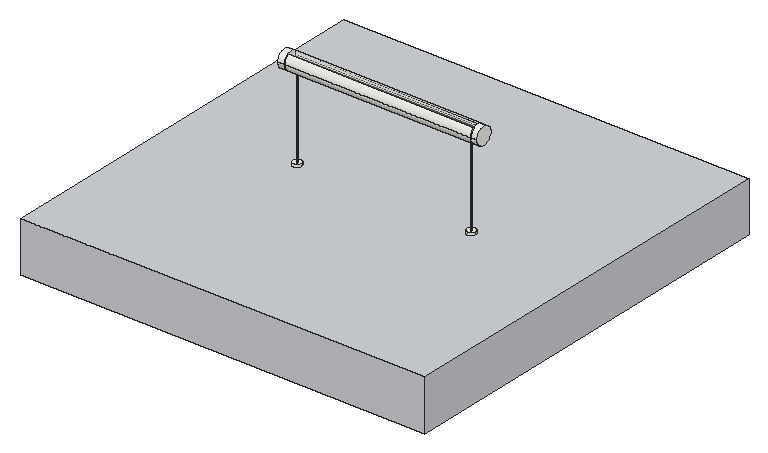
Revit family "M_Luminária de forro - Linear - 1 Lâmpada", category Luminárias, Revit 2019
Family settings
  Hospedeiro = Face
  Cota do conector redondo = Utilizar diâmetro
  Tipo de parte = Normal
  Número OmniClass = 23.80.70.11.11
  Título OmniClass = General Luminaries, Non Directional
  ID de item do Seek = Pendant Light - Linear - 1 Lamp-0000-CAN-ENU
  Corte com vazios quando carregada = Não
  Fonte luminosa = Sim
  Compartilhado = Não
  Ponto de cálculo do ambiente = Não
Parameters (values of type "1200mm - 120V")
  Wattage = 40 W
  built-in parameter 1150110 = 1 (stored number, unit not read)
  built-in parameter 1150109 = 1 (stored number, unit not read)
  built-in parameter 1150134 = 8
  built-in parameter 1150113 = 1 (stored number, unit not read)
  Tilt Angle = -90.00°
  Arquivo de rede fotométrica = "1x41T12.ies"
  Lumens = 3150 lm
  built-in parameter 1114217 = 0.88 (stored number, unit not read)
  built-in parameter 1150115 = 1 (stored number, unit not read)
  built-in parameter 1150105 = 250.67 (stored number, unit not read)
  Classificação de carga = Iluminação - Unidade de interrupção
  built-in parameter 1150137 = 1
  built-in parameter 1150139 = (empty or 0)
  Material do armário de luz = Aço, acabamento de pintura, marfim, com brilho
  Comprimento de caixa de luz = 1200 mm
  Comprimento 1 = Comprimento de caixa de luz / 2  # 600 mm
  built-in parameter 1150112 = 1 (stored number, unit not read)
  built-in parameter 1150114 = 1 (stored number, unit not read)
  Lâmpada = "T-12"
  built-in parameter 1150132 = (empty or 0)
  built-in parameter 1150102 = (empty or 0)
  built-in parameter 1150138 = (empty or 0)
  built-in parameter 1150107 = 4230 (stored number, unit not read)
  built-in parameter 1150106 = 2.5067 (stored number, unit not read)
  Emitir do comprimento da linha = Comprimento de caixa de luz - 76 mm  # 1124 mm
  built-in parameter 1150104 = 7.3161 (stored number, unit not read)
  Cair do forro = 600 mm
  Troca de temperatura da cor de lâmpada com esmaecimento = <Nenhum>
  Material do difusor = Vidro, Branco, Alta Luminosidade
  Elevação-padrão = 1200 mm
  Filtro de cor = 16777215
  Material montado no forro = Aço, acabamento de pintura, marfim, com brilho
  built-in parameter 1140040 [instance] = 1
  Voltagem do transformador = 120 V
  Transformador por número de postes = 1
  built-in parameter 1114218 = 0.88 (stored number, unit not read)
  built-in parameter 1150133 = 10 (stored number, unit not read)
  Assembly Code = ""
  Apparent Load = 40 VA
Types (4, lengths in mm): name | Wattage | Arquivo de rede fotométrica | Lumens | built-in parameter 1150105 | Comprimento de caixa de luz | Comprimento 1 | built-in parameter 1150106 | Emitir do comprimento da linha | built-in parameter 1150104 | Cair do forro | Voltagem do transformador | Apparent Load
  1200mm - 120V | 40 W | "1x41T12.ies" | 3150 lm | 250.67 (stored number, unit not read) | 1200 | 600 | 2.5067 (stored number, unit not read) | 1124 | 7.3161 (stored number, unit not read) | 600 | 120 V | 40 VA
  1200mm - 277V | 40 W | "1x41T12.ies" | 3150 lm | 250.67 (stored number, unit not read) | 1200 | 600 | 2.5067 (stored number, unit not read) | 1124 | 7.3161 (stored number, unit not read) | 600 | 277 V | 40 VA
  2400mm - 120V | 64 W | "482T12.ies" | 6000 lm | 477.46 (stored number, unit not read) | 2400 | 1200 | 4.7746 (stored number, unit not read) | 2324 | 8.7097 (stored number, unit not read) | 300 | 120 V | 64 VA
  2400mm - 277V | 64 W | "482T12.ies" | 6000 lm | 477.46 (stored number, unit not read) | 2400 | 1200 | 4.7746 (stored number, unit not read) | 2324 | 8.7097 (stored number, unit not read) | 300 | 277 V | 64 VA
Reference planes
  plane 1 "Centro (Frente/Trás)": y = 0
  plane 2: z = 0
  plane 3 "Centro (Esquerda/Direita)": x = 0
  plane 4: z = 12.7
  plane 5: z = 549.2
  plane 6: z = 498.4
  plane 7: z = 587.3
  plane 8: z = 600
  plane 9: z = 574.6
  plane 10: x = -600
  plane 11: x = 600
  plane 12: x = -561.9
  plane 13: x = 561.9
  plane 14: x = -523.8
  plane 15: x = 523.8
  plane 16: z = 511.1
  plane 17: y = 25.4
  plane 18: y = -25.4
Forms (mm)
  Extrusion 1, solid
    sketch origin (0, 0, 0) x (1, 0, 0) y (0, 1, 0)
      loop
        line (-1219.2, 1219.2) -> (-1219.2, -1219.2) -> (1219.2, -1219.2) -> (1219.2, 1219.2) -> (-1219.2, 1219.2)
    from 0 to -304.8
  Extrusion 2, solid, material "Aço, acabamento de pintura, marfim, com brilho" <- "Material montado no forro"
    sketch origin (0, 0, 0) x (1, 0, 0) y (0, 1, 0)
      loop
        circle (-523.8, 0) r 25.4
    from 0 to 12.7
  Extrusion 3, solid, material "Aço, acabamento de pintura, marfim, com brilho" <- "Material montado no forro"
    sketch origin (0, 0, 0) x (1, 0, 0) y (0, 1, 0)
      loop
        circle (523.8, 0) r 25.4
    from 0 to 12.7
  Extrusion 4, solid, material "Aço, acabamento de pintura, marfim, com brilho" <- "Material montado no forro"
    sketch origin (0, 0, 0) x (1, 0, 0) y (0, 1, 0)
      loop
        circle (-523.8, 0) r 3.175
    from 0 to 511.1
  Extrusion 5, solid, material "Aço, acabamento de pintura, marfim, com brilho" <- "Material montado no forro"
    sketch origin (0, 0, 0) x (1, 0, 0) y (0, 1, 0)
      loop
        circle (523.8, 0) r 3.175
    from 0 to 511.1
  Extrusion 6, solid, material "Aço, acabamento de pintura, marfim, com brilho" <- "Material do armário de luz"
    sketch origin (0, 0, 0) x (0, 1, 0) y (0, 0, 1)
      loop
        circle (0, 549.2) r 50.8
    from -561.9 to 561.9
  Extrusion 7, solid, material "Aço, acabamento de pintura, marfim, com brilho" <- "Material do armário de luz"
    sketch origin (0, 0, 0) x (0, 1, 0) y (0, 0, 1)
      loop
        circle (0, 549.2) r 50.8
    from 561.9 to 600
  Extrusion 8, solid, material "Aço, acabamento de pintura, marfim, com brilho" <- "Material do armário de luz"
    sketch origin (0, 0, 0) x (0, 1, 0) y (0, 0, 1)
      loop
        circle (0, 549.2) r 50.8
    from -600 to -561.9
  Extrusion 9, void
    sketch origin (0, 0, 63.5) x (0, 1, 0) y (0, 0, 1)
      loop
        line (25.4, 536.5) -> (-25.4, 536.5) -> (-25.4, 498.4) -> (25.4, 498.4) -> (25.4, 536.5)
    from -1181.1 to 1181.1
  Extrusion 10, solid, material "Vidro, Branco, Alta Luminosidade" <- "Material do difusor"
    sketch origin (0, 0, 0) x (0, 1, 0) y (0, 0, 1)
      loop
        line (-25.4, 574.6) -> (25.4, 574.6) -> (25.4, 587.3) -> (-25.4, 587.3) -> (-25.4, 574.6)
    from -561.9 to 561.9
Cuts and joins
  Extrusion 9 cuts Extrusion 6
  joined: Extrusion 3, Extrusion 5
  joined: Extrusion 2, Extrusion 4
Lines and regions (mm)
  symbolic lines
    curve 1: line (-600, 50.8, 0) -> (-600, -50.8, 0)
    curve 2: line (-600, -50.8, 0) -> (600, -50.8, 0)
    curve 3: line (600, -50.8, 0) -> (600, 50.8, 0)
    curve 4: line (600, 50.8, 0) -> (-600, 50.8, 0)
    curve 5: circle (-523.8, 0, 0) r 25.4 normal (0, 0, 1)
    curve 6: circle (523.8, 0, 0) r 25.4 normal (0, 0, 1)
Dimensions and locks
  plane 4 to plane 2 = 12.7 mm
  plane 8 to plane 9 = 25.4 mm
  plane 8 to plane 7 = 12.7 mm
  equal spacing: plane 8, plane 5, plane 6
  "Cair do forro": plane 8 to plane 2
  plane 8 to plane 6 = 101.6 mm
  "Comprimento de caixa de luz": plane 10 to plane 11
  plane 10 to plane 12 = 38.1 mm
  plane 13 to plane 11 = 38.1 mm
  plane 10 to plane 14 = 76.2 mm
  plane 15 to plane 11 = 76.2 mm
  plane 16 to plane 6 = 12.7 mm
  Extrusion 9 sketch curve to Extrusion 9 sketch curve = 50.8 mm
  equal spacing: Extrusion 9 sketch curve, plane 1 "Centro (Frente/Trás)", Extrusion 9 sketch curve
  "Comprimento 1": plane 10 to plane 3 "Centro (Esquerda/Direita)"
  radius of Extrusion 2 sketch curve = 25.4 mm
  aligned and locked: plane 2 to Extrusion 1
  aligned and locked: level to Extrusion 1
  aligned and locked: plane 4 to Extrusion 2
  aligned and locked: plane 4 to Extrusion 3
  aligned and locked: plane 16 to Extrusion 4
  aligned and locked: Extrusion 5 to Extrusion 4
  aligned and locked: Extrusion 5 to level
  aligned and locked: Extrusion 4 to level
  aligned and locked: Extrusion 3 to level
  aligned and locked: Extrusion 2 to level
  aligned and locked: plane 13 to Extrusion 6
  aligned and locked: Extrusion 6 to plane 12
  aligned and locked: plane 12 to Extrusion 8
  aligned and locked: plane 11 to Extrusion 7
  aligned and locked: Extrusion 7 to plane 13
  aligned and locked: plane 8 to Extrusion 9
  aligned and locked: plane 13 to Extrusion 10
  aligned and locked: Extrusion 10 to plane 12
  aligned and locked: Extrusion 8 to plane 10
  aligned and locked: plane 14 to curve 5
  aligned and locked: plane 1 "Centro (Frente/Trás)" to curve 5
  aligned and locked: plane 15 to curve 6
  aligned and locked: plane 1 "Centro (Frente/Trás)" to curve 6
  aligned and locked: plane 3 "Centro (Esquerda/Direita)" to imposter light
  aligned and locked: imposter light to plane 1 "Centro (Frente/Trás)"
  aligned and locked: plane 7 to imposter light
Automatic sketch dimensions
  Extrusion 1 sketch curve to Extrusion 1 sketch curve = 2438.4 mm  (x2)
  Extrusion 2 sketch curve to plane 1 "Centro (Frente/Trás)" = 0 mm
  Extrusion 2 sketch curve to plane 14 = 0 mm
  Extrusion 3 sketch curve to plane 1 "Centro (Frente/Trás)" = 0 mm
  Extrusion 3 sketch curve to plane 15 = 0 mm
  Extrusion 4 sketch curve to plane 1 "Centro (Frente/Trás)" = 0 mm
  Extrusion 4 sketch curve to plane 14 = 0 mm
  Extrusion 5 sketch curve to plane 1 "Centro (Frente/Trás)" = 0 mm
  Extrusion 5 sketch curve to plane 15 = 0 mm
  Extrusion 6 sketch curve to plane 1 "Centro (Frente/Trás)" = 0 mm
  Extrusion 6 sketch curve to plane 5 = 0 mm
  Extrusion 7 sketch curve to plane 1 "Centro (Frente/Trás)" = 0 mm
  Extrusion 7 sketch curve to plane 5 = 0 mm
  Extrusion 8 sketch curve to plane 1 "Centro (Frente/Trás)" = 0 mm
  Extrusion 8 sketch curve to plane 5 = 0 mm
  plane 6 to Extrusion 9 sketch curve = 63.5 mm
  plane 5 to Extrusion 9 sketch curve = 50.8 mm
  Extrusion 10 sketch curve to plane 7 = 0 mm
  Extrusion 10 sketch curve to plane 9 = 0 mm
  plane 1 "Centro (Frente/Trás)" to Extrusion 10 sketch curve = 25.4 mm
  Extrusion 10 sketch curve to plane 1 "Centro (Frente/Trás)" = 25.4 mm
  curve 1 to plane 10 = 0 mm
  curve 3 to plane 11 = 0 mm
  curve 4 to plane 1 "Centro (Frente/Trás)" = 50.8 mm
  plane 1 "Centro (Frente/Trás)" to curve 3 = 50.8 mm
  radius of Extrusion 3 sketch curve = 25.4 mm
  radius of Extrusion 4 sketch curve = 3.175 mm
  radius of Extrusion 5 sketch curve = 3.175 mm
  radius of Extrusion 6 sketch curve = 50.8 mm
  radius of Extrusion 7 sketch curve = 50.8 mm
  radius of Extrusion 8 sketch curve = 50.8 mm
  radius of curve 5 = 25.4 mm
  radius of curve 6 = 25.4 mm
Connectors
  electrical at (0, 0, 587.3), driven by "Apparent Load", driven by "Transformador por número de postes", driven by "Voltagem do transformador", driven by "Classificação de carga"
    settings: on Extrusion 10, index 1, voltage 120 V, apparent load 0 VA, apparent load phase1 40 VA, apparent load phase2 0 VA, apparent load phase3 0 VA, power factor 0.95, load classification "Iluminação - Unidade de interrupção", number of poles 1, system type 31, power factor state 1, is connector primary yes, connector utility no, sub classification motor no, connector description ""
